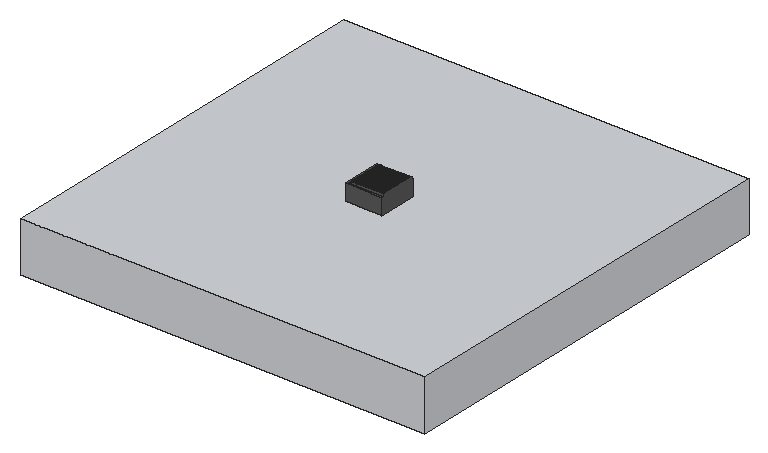
Revit family "r2018_videomax_sm", category Устройства связи, Revit 2018
Family settings
  Основа = Грань
  Сохранять ориентацию аннотаций = Да
  Размер круглого соединителя = Использовать диаметр
  Тип детали = Нормальный
  При загрузке вырезать с полостями = Нет
  Общий = Нет
  Точка расчета площади = Нет
Parameters (values of type "sm")
  Ширина = 233 mm
  Указания по монтажу = "Для настольного или настенного размещения. Специальные монтажные аксессуары не требуются."
  Модель = ""
  Стоимость = 0
  Default Elevation = 2600 mm
  Максимальное тепловыделение, BTU/h = Максимальная потребляемая мощность Вт * 3.412  # 0
  Максимальная потребляемая мощность Вт = 0
  Максимальная мощность БП, Вт = 0
  Количество интерфейсов Gigabit LAN, шт = 2
  Количество входов 9-36V = 1  # constant formula
  Количество IP-камер = 0
  Изображение типоразмера = sm.jpg
  Изготовитель = "ООО «Видеомакс»"  # constant formula
  Глубина = 220 mm
  Высота = 233 mm
  URL = "https://www.videomax-server.ru/"
  Material = Черный
  LOD 500 [instance] = yes
  LOD 300 [instance] = yes
  ADSK_Этаж [instance] = ""
  ADSK_Ток = 0 A
  ADSK_Примечание [instance] = ""
  ADSK_Позиция [instance] = ""
  ADSK_Обозначение [instance] = "sm"  # constant formula
  ADSK_Номинальная мощность = 0 VA
  ADSK_Напряжение = 230 V
  ADSK_Наименование = "Видеосервер VIDEOMAX-sm"  # constant formula
  ADSK_Масса [instance] = 0
  ADSK_Марка = "VIDEOMAX-sm"  # constant formula
  ADSK_Коэффициент мощности = 0.96
  ADSK_Количество = 1  # constant formula
  ADSK_Код изделия = "ТУ 26.20.15-002-37165186-2020"  # constant formula
  ADSK_Классификация нагрузок = none
  ADSK_Завод-изготовитель [instance] = "ООО «Видеомакс»"  # constant formula
  ADSK_Единица измерения = "шт."  # constant formula
  ADSK_Версия семейства = "v1"  # constant formula
  ADSK_Версия Revit = "2018"  # constant formula
Reference planes
  plane 1 "По центру (Вперед/Назад)": y = 0
  plane 2: z = 0
  plane 3 "По центру (Влево/Вправо)": through (0.038, 0.038, 0) normal (-1, 0.0001, 0)
  plane 4: z = 0
Forms (mm)
  Extrusion 1, solid
    sketch origin (-0.8, 20.8, 0) x (0, -1, 0) y (1, 0, 0)
      loop
        line (-1219.2, 1219.2) -> (-1219.2, -1219.2) -> (1219.2, -1219.2) -> (1219.2, 1219.2) -> (-1219.2, 1219.2)
    from 0 to -304.8
  Extrusion 2, solid, material "Черный" <- "Material", detail levels fine
    sketch origin (-18.568, -111.361, 54.822) x (-1, 0, 0) y (0, 0, 1)
      loop
        line (-109.968, -54.822) -> (110.032, -54.822) -> (110.032, 42.316) -> (97.662, 42.316) -> (84.8, 55.178) -> (-109.968, 55.178) -> (-109.968, -54.822)
    from 0 to 233
  Extrusion 3, void, detail levels fine
    sketch origin (94.9, 20, 0) x (0, -1, 0) y (0, 0, 1)
      loop
        line (-90.324, 97.138) -> (-89.729, 110) -> (-88.505, 110) -> (-87.744, 97.138) -> (-83.4, 97.138) -> (-82.805, 110) -> (-81.498, 110) -> (-80.738, 97.138) -> (-76.476, 97.138) -> (-75.881, 110) -> (-74.657, 110) -> (-73.897, 97.138) -> (-69.553, 97.138) -> (-68.957, 110) -> (-67.734, 110) -> (-66.973, 97.138) -> (-62.629, 97.138) -> (-62.034, 110) -> (-60.81, 110) -> (-60.049, 97.138) -> (-55.705, 97.138) -> (-55.11, 110) -> (-53.886, 110) -> (-53.125, 97.138) -> (-48.781, 97.138) -> (-48.186, 110) -> (-46.879, 110) -> (-46.119, 97.138) -> (-41.857, 97.138) -> (-41.262, 110) -> (-40.038, 110) -> (-39.278, 97.138) -> (-34.934, 97.138) -> (-34.338, 110) -> (-33.115, 110) -> (-32.354, 97.138) -> (-28.01, 97.138) -> (-27.415, 110) -> (-26.191, 110) -> (-25.43, 97.138) -> (-21.086, 97.138) -> (-20.491, 110) -> (-19.267, 110) -> (-18.506, 97.138) -> (-14.162, 97.138) -> (-13.567, 110) -> (-12.26, 110) -> (-11.5, 97.138) -> (-7.238, 97.138) -> (-6.643, 110) -> (-5.419, 110) -> (-4.659, 97.138) -> (-0.315, 97.138) -> (0.281, 110) -> (1.504, 110) -> (2.265, 97.138) -> (6.609, 97.138) -> (7.204, 110) -> (8.428, 110) -> (9.189, 97.138) -> (13.533, 97.138) -> (14.128, 110) -> (15.352, 110) -> (16.113, 97.138) -> (20.457, 97.138) -> (21.052, 110) -> (22.359, 110) -> (23.119, 97.138) -> (27.381, 97.138) -> (27.976, 110) -> (29.2, 110) -> (29.96, 97.138) -> (34.304, 97.138) -> (34.9, 110) -> (36.123, 110) -> (36.884, 97.138) -> (41.228, 97.138) -> (41.823, 110) -> (43.047, 110) -> (43.808, 97.138) -> (48.152, 97.138) -> (48.747, 110) -> (49.971, 110) -> (50.732, 97.138) -> (55.076, 97.138) -> (55.671, 110) -> (56.978, 110) -> (57.738, 97.138) -> (62, 97.138) -> (62.595, 110) -> (63.819, 110) -> (64.579, 97.138) -> (68.923, 97.138) -> (69.519, 110) -> (70.742, 110) -> (71.503, 97.138) -> (75.847, 97.138) -> (76.442, 110) -> (77.666, 110) -> (78.427, 97.138) -> (82.771, 97.138) -> (83.366, 110) -> (84.59, 110) -> (85.351, 97.138) -> (89.695, 97.138) -> (90.29, 110) -> (91.597, 110) -> (92.357, 97.138) -> (96.619, 97.138) -> (97.214, 110) -> (98.438, 110) -> (99.198, 97.138) -> (103.542, 97.138) -> (104.138, 110) -> (105.361, 110) -> (106.122, 97.138) -> (110.466, 97.138) -> (111.061, 110) -> (112.285, 110) -> (113.046, 97.138) -> (117.39, 97.138) -> (117.985, 110) -> (119.209, 110) -> (119.97, 97.138) -> (132.267, 97.138) -> (132.267, 111.053) -> (-102.733, 111.053) -> (-102.733, 97.138) -> (-90.324, 97.138)
    from 0 to 233
  Extrusion 4, solid, material "Черный" <- "Material", detail levels medium
    sketch origin (-18.568, -111.361, 54.822) x (-1, 0, 0) y (0, 0, 1)
      loop
        line (-109.968, -54.822) -> (110.032, -54.822) -> (110.032, 55.178) -> (-109.968, 55.178) -> (-109.968, -54.822)
    from 0 to 233
Cuts and joins
  Extrusion 3 cuts Extrusion 2
Lines and regions (mm)
  reference lines
    curve 1: line (-18.6, 121.539, 34.666) -> (-18.6, -111.461, 34.666)
    curve 2: line (91.4, 5.039, 34.666) -> (-128.433, 5.039, 34.666)
  model lines, style "CommunicationDevices", detail levels coarse
    curve 3: line (91.4, 121.539, 0) -> (91.4, -111.361, 0)
    curve 4: line (91.4, -111.361, 0) -> (-128.433, -111.361, 0)
    curve 5: line (-128.433, -111.361, 0) -> (-128.433, 121.539, 0)
    curve 6: line (-128.433, 121.539, 0) -> (91.4, 121.539, 0)
  model lines, style "InvisibleLines", detail levels coarse
    curve 7: line (-18.6, -111.361, 0) -> (-18.6, 121.539, 0)
    curve 8: line (91.4, 5.039, 0) -> (-128.433, 5.039, 0)
Dimensions and locks
  aligned and locked: plane 2 to Extrusion 1
  aligned and locked: level to Extrusion 1
  aligned and locked: cut or joined group of Extrusion 2, Extrusion 3 to nested 1
  aligned and locked: nested 2 to cut or joined group of Extrusion 2, Extrusion 3
  aligned and locked: nested 3 to cut or joined group of Extrusion 2, Extrusion 3  (x2)
Nested families
  nested 1: "videomax_sm" at (-128.6, 5.139, 8.998) x (0, -1, 0) z (-1, 0, 0), LOD500 <- "LOD 500", type "Front"
    with Left_500 no, LOD500 yes, Front_500 yes
  nested 2: "videomax_sm" at (-12.415, -111.361, 8.999) x (1, 0, 0) z (0, 1, 0), LOD500 <- "LOD 500", type "Left"
    with Left_500 yes, LOD500 yes, Front_500 no
  nested 3: "videomax_sm" at (-12.415, 121.639, 8.998) x (1, 0, 0) z (0, 1, 0), LOD500 <- "LOD 500", type "Left"
    with Left_500 yes, LOD500 yes, Front_500 no
Connectors
  electrical at (-18.6, 5.139, 0), driven by "ADSK_Напряжение", driven by "ADSK_Номинальная мощность", driven by "ADSK_Коэффициент мощности"
    settings: on Extrusion 2, index 1, voltage 230 V, apparent load 0 VA, apparent load phase1 0 VA, apparent load phase2 0 VA, apparent load phase3 0 VA, power factor 0.96, load classification "Прочее", number of poles 1, system type 30, power factor state 0, is connector primary yes, connector utility yes, sub classification motor no, connector description ""
Definition of nested family "videomax_sm"
  Parameters (values of type "Left")
    Default Elevation = 1219.2 mm
    Left_500 [instance] = and(Left, LOD500)  # yes
    Left = yes
    LOD500 [instance] = yes
    Front_500 [instance] = and(Front, LOD500)  # no
    Front = no
  Types (3, lengths in mm): name | Left_500 | Left | Front_500 | Front
    (no name) | yes | yes | no | no
    Front | no | no | yes | yes
    Left | yes | yes | no | no
  Reference planes
    plane 1 "По центру (Вперед/Назад)": y = 0
    plane 2: z = 0
    plane 3 "По центру (Влево/Вправо)": x = 0
  Lines and regions (mm)
    model lines, visible <- "Front_500", detail levels fine
      curve 1: arc (-32.904, 85.322, 0) -> (-32.515, 86.283, 0) -> (-31.554, 86.672, 0) r 1.327
      curve 2: arc (-5.469, 86.672, 0) -> (-4.46, 86.276, 0) -> (-4.064, 85.268, 0) r 1.356
      curve 3: arc (-4.064, 73.593, 0) -> (-4.514, 72.603, 0) -> (-5.542, 72.252, 0) r 1.37
      curve 4: arc (-31.734, 72.252, 0) -> (-32.546, 72.678, 0) -> (-32.904, 73.523, 0) r 1.36
      curve 5: arc (-26.113, 74.691, 0) -> (-26.242, 74.487, 0) -> (-26.453, 74.368, 0) r 0.494
      curve 6: arc (-26.453, 74.368, 0) -> (-26.666, 74.343, 0) -> (-26.88, 74.368, 0) r 0.901
      curve 7: arc (-26.88, 74.368, 0) -> (-27.091, 74.486, 0) -> (-27.221, 74.691, 0) r 0.491
      curve 8: arc (-22.822, 76.587, 0) -> (-22.326, 76.459, 0) -> (-22.019, 76.049, 0) r 0.775
      curve 9: arc (-22.019, 76.049, 0) -> (-21.96, 75.435, 0) -> (-22.04, 74.825, 0) r 2.724
      curve 10: arc (-22.04, 74.825, 0) -> (-22.348, 74.465, 0) -> (-22.811, 74.368, 0) r 0.731
      curve 11: arc (-23.808, 74.368, 0) -> (-24.063, 74.444, 0) -> (-24.172, 74.687, 0) r 0.32
      curve 12: arc (-24.172, 76.205, 0) -> (-24.097, 76.479, 0) -> (-23.833, 76.587, 0) r 0.323
      curve 13: arc (-23.456, 75.914, 0) -> (-23.439, 75.999, 0) -> (-23.368, 76.049, 0) r 0.116
      curve 14: arc (-23.368, 76.049, 0) -> (-23.225, 76.055, 0) -> (-23.082, 76.049, 0) r 1.605
      curve 15: arc (-23.082, 76.049, 0) -> (-22.846, 75.961, 0) -> (-22.722, 75.741, 0) r 0.365
      curve 16: arc (-22.722, 75.741, 0) -> (-22.695, 75.501, 0) -> (-22.712, 75.259, 0) r 1.331
      curve 17: arc (-22.712, 75.259, 0) -> (-22.778, 75.065, 0) -> (-22.947, 74.95, 0) r 0.324
      curve 18: arc (-22.947, 74.95, 0) -> (-23.126, 74.921, 0) -> (-23.307, 74.92, 0) r 1.206
      curve 19: arc (-23.307, 74.92, 0) -> (-23.414, 74.948, 0) -> (-23.456, 75.051, 0) r 0.125
      curve 20: arc (-21.706, 76.256, 0) -> (-21.615, 76.496, 0) -> (-21.375, 76.587, 0) r 0.314
      curve 21: arc (-20.857, 76.049, 0) -> (-20.954, 76.017, 0) -> (-20.989, 75.921, 0) r 0.116
      curve 22: arc (-20.989, 75.018, 0) -> (-20.947, 74.925, 0) -> (-20.846, 74.907, 0) r 0.11
      curve 23: arc (-21.335, 74.368, 0) -> (-21.612, 74.45, 0) -> (-21.706, 74.723, 0) r 0.316
      curve 24: arc (-19.522, 76.049, 0) -> (-19.27, 76.432, 0) -> (-18.838, 76.587, 0) r 0.724
      curve 25: arc (-18.838, 76.587, 0) -> (-18.358, 76.613, 0) -> (-17.877, 76.587, 0) r 4.517
      curve 26: arc (-17.877, 76.587, 0) -> (-17.444, 76.434, 0) -> (-17.193, 76.049, 0) r 0.713
      curve 27: arc (-17.193, 76.049, 0) -> (-17.137, 75.435, 0) -> (-17.222, 74.825, 0) r 2.697
      curve 28: arc (-17.222, 74.825, 0) -> (-17.482, 74.498, 0) -> (-17.879, 74.368, 0) r 0.727
      curve 29: arc (-17.879, 74.368, 0) -> (-18.354, 74.343, 0) -> (-18.829, 74.368, 0) r 4.443
      curve 30: arc (-18.829, 74.368, 0) -> (-19.231, 74.494, 0) -> (-19.494, 74.825, 0) r 0.719
      curve 31: arc (-19.494, 74.825, 0) -> (-19.578, 75.435, 0) -> (-19.522, 76.049, 0) r 2.695
      curve 32: arc (-18.826, 75.741, 0) -> (-18.729, 75.941, 0) -> (-18.534, 76.049, 0) r 0.37
      curve 33: arc (-18.534, 76.049, 0) -> (-18.351, 76.061, 0) -> (-18.169, 76.048, 0) r 1.267
      curve 34: arc (-18.169, 76.048, 0) -> (-17.982, 75.936, 0) -> (-17.886, 75.741, 0) r 0.382
      curve 35: arc (-17.886, 75.741, 0) -> (-17.872, 75.5, 0) -> (-17.881, 75.259, 0) r 2.61
      curve 36: arc (-17.881, 75.259, 0) -> (-17.981, 75.023, 0) -> (-18.211, 74.907, 0) r 0.373
      curve 37: arc (-18.211, 74.907, 0) -> (-18.375, 74.895, 0) -> (-18.54, 74.907, 0) r 1.073
      curve 38: arc (-18.54, 74.907, 0) -> (-18.745, 75.033, 0) -> (-18.826, 75.259, 0) r 0.364
      curve 39: arc (-18.826, 75.259, 0) -> (-18.843, 75.5, 0) -> (-18.826, 75.741, 0) r 1.775
      curve 40: arc (-15.763, 74.609, 0) -> (-15.686, 74.459, 0) -> (-15.543, 74.368, 0) r 0.322
      curve 41: arc (-15.163, 74.364, 0) -> (-15.01, 74.453, 0) -> (-14.928, 74.609, 0) r 0.322
      curve 42: arc (-13.805, 76.229, 0) -> (-13.886, 76.467, 0) -> (-14.107, 76.587, 0) r 0.346
      curve 43: arc (-14.107, 76.587, 0) -> (-14.346, 76.613, 0) -> (-14.585, 76.587, 0) r 1.13
      curve 44: arc (-14.585, 76.587, 0) -> (-14.795, 76.466, 0) -> (-14.917, 76.256, 0) r 0.473
      curve 45: arc (-15.283, 75.154, 0) -> (-15.345, 75.095, 0) -> (-15.407, 75.154, 0) r 0.062
      curve 46: arc (-15.776, 76.26, 0) -> (-15.898, 76.467, 0) -> (-16.105, 76.587, 0) r 0.476
      curve 47: arc (-16.105, 76.587, 0) -> (-16.343, 76.613, 0) -> (-16.582, 76.587, 0) r 1.118
      curve 48: arc (-16.582, 76.587, 0) -> (-16.8, 76.466, 0) -> (-16.883, 76.232, 0) r 0.353
      curve 49: arc (-11.907, 76.347, 0) -> (-12.007, 76.499, 0) -> (-12.166, 76.587, 0) r 0.387
      curve 50: arc (-12.166, 76.587, 0) -> (-12.409, 76.613, 0) -> (-12.653, 76.587, 0) r 1.172
      curve 51: arc (-12.653, 76.587, 0) -> (-12.818, 76.503, 0) -> (-12.918, 76.347, 0) r 0.36
      curve 52: arc (-22.777, 80.678, 0) -> (-22.685, 80.612, 0) -> (-22.593, 80.678, 0) r 0.097
      curve 53: arc (-21.475, 83.664, 0) -> (-21.061, 84.273, 0) -> (-20.383, 84.559, 0) r 1.296
      curve 54: arc (-20.383, 84.559, 0) -> (-19.922, 84.579, 0) -> (-19.466, 84.514, 0) r 2.463
      curve 55: arc (-21.264, 79.718, 0) -> (-21.596, 79.193, 0) -> (-22.137, 78.89, 0) r 1.266
      curve 56: arc (-22.137, 78.89, 0) -> (-22.684, 78.824, 0) -> (-23.231, 78.889, 0) r 2.311
      curve 57: arc (-23.231, 78.889, 0) -> (-23.774, 79.192, 0) -> (-24.106, 79.718, 0) r 1.261
      curve 58: arc (-18.983, 84.237, 0) -> (-18.769, 83.976, 0) -> (-18.616, 83.675, 0) r 1.547
      curve 59: arc (-16.593, 83.68, 0) -> (-16.336, 84.126, 0) -> (-15.927, 84.44, 0) r 1.32
      curve 60: arc (-15.927, 84.44, 0) -> (-15.179, 84.582, 0) -> (-14.429, 84.449, 0) r 2.108
      curve 61: arc (-14.429, 84.449, 0) -> (-14.007, 84.134, 0) -> (-13.743, 83.68, 0) r 1.314
      curve 62: arc (-15.051, 82.655, 0) -> (-15.168, 82.748, 0) -> (-15.284, 82.655, 0) r 0.119
      curve 63: circle (-103.112, 82.121, 0) r 3.066 normal (0, 0, 1)
      curve 64: circle (-110.19, 53.215, 0) r 3.066 normal (0, 0, 1)
      curve 65: circle (-110.774, 34.662, 0) r 3.066 normal (0, 0, 1)
      curve 66: circle (-109.748, 15.943, 0) r 3.066 normal (0, 0, 1)
      curve 67: circle (-26.735, 15.943, 0) r 3.066 normal (0, 0, 1)
      curve 68: circle (-21.443, 34.662, 0) r 3.066 normal (0, 0, 1)
      curve 69: circle (0.585, 81.063, 0) r 3.066 normal (0, 0, 1)
      curve 70: circle (102.515, 82.121, 0) r 3.066 normal (0, 0, 1)
      curve 71: circle (103.379, 61.645, 0) r 1.743 normal (0, 0, 1)
      curve 72: circle (103.379, 61.645, 0) r 4.968 normal (0, 0, 1)
      curve 73: circle (94.823, 58.974, 0) r 1.743 normal (0, 0, 1)
      curve 74: circle (94.823, 64.033, 0) r 1.743 normal (0, 0, 1)
      curve 75: circle (109.593, 53.215, 0) r 3.066 normal (0, 0, 1)
      curve 76: circle (88.356, 59.337, 0) r 3.066 normal (0, 0, 1)
      curve 77: circle (79.162, 59.337, 0) r 3.066 normal (0, 0, 1)
      curve 78: circle (-98.603, 57.747, 0) r 3.066 normal (0, 0, 1)
      curve 83: circle (-91.806, 75.763, 0) r 1.743 normal (0, 0, 1)
      curve 84: circle (-45.492, 75.763, 0) r 1.743 normal (0, 0, 1)
      curve 85: arc (-86.952, 72.244, 0) -> (-87.647, 72.594, 0) -> (-87.723, 73.368, 0) r 0.807
      curve 86: arc (-87.003, 78.322, 0) -> (-86.64, 79.018, 0) -> (-85.899, 79.283, 0) r 1.077
      curve 87: arc (-51.732, 79.283, 0) -> (-50.977, 79.028, 0) -> (-50.584, 78.334, 0) r 1.116
      curve 88: arc (-49.562, 73.53, 0) -> (-49.701, 72.676, 0) -> (-50.451, 72.244, 0) r 1.009
      curve 89: circle (-28.021, 61.311, 0) r 1.743 normal (0, 0, 1)
      curve 90: circle (-5.76, 61.311, 0) r 1.743 normal (0, 0, 1)
      curve 91: arc (-23.537, 57.792, 0) -> (-24.232, 58.142, 0) -> (-24.307, 58.917, 0) r 0.807
      curve 92: arc (-23.588, 63.87, 0) -> (-23.224, 64.567, 0) -> (-22.484, 64.831, 0) r 1.077
      curve 93: arc (-11.609, 64.831, 0) -> (-10.853, 64.576, 0) -> (-10.461, 63.882, 0) r 1.116
      curve 94: arc (-9.438, 59.078, 0) -> (-9.578, 58.224, 0) -> (-10.327, 57.792, 0) r 1.009
      curve 95: arc (-31.24, 17.543, 0) -> (-31.858, 16.23, 0) -> (-33.171, 15.612, 0) r 2.141
      curve 96: arc (-102.812, 15.612, 0) -> (-104.429, 16.234, 0) -> (-105.051, 17.851, 0) r 2.133
      curve 97: circle (21.797, 62.712, 0) r 1.744 normal (0, 0, 1)
      curve 98: circle (34.993, 62.712, 0) r 1.743 normal (0, 0, 1)
      curve 109: line (-31.554, 86.672, 0) -> (-5.469, 86.672, 0)
      curve 110: line (-4.064, 85.268, 0) -> (-4.064, 73.593, 0)
      curve 111: line (-5.542, 72.252, 0) -> (-31.734, 72.252, 0)
      curve 112: line (-32.904, 73.523, 0) -> (-32.904, 85.322, 0)
      curve 113: line (-12.641, 75.332, 0) -> (-12.187, 75.332, 0)
      curve 114: line (-12.187, 75.332, 0) -> (-12.385, 75.897, 0)
      curve 115: line (-12.385, 75.897, 0) -> (-12.641, 75.332, 0)
      curve 116: line (-27.221, 74.691, 0) -> (-27.995, 76.587, 0)
      curve 117: line (-27.995, 76.587, 0) -> (-27.228, 76.587, 0)
      curve 118: line (-27.228, 76.587, 0) -> (-26.703, 75.066, 0)
      curve 119: line (-26.703, 75.066, 0) -> (-26.097, 76.587, 0)
      curve 120: line (-26.097, 76.587, 0) -> (-25.338, 76.587, 0)
      curve 121: line (-25.338, 76.587, 0) -> (-26.113, 74.691, 0)
      curve 122: line (-25.204, 76.587, 0) -> (-24.49, 76.587, 0)
      curve 123: line (-24.49, 76.587, 0) -> (-24.49, 74.368, 0)
      curve 124: line (-24.49, 74.368, 0) -> (-25.204, 74.368, 0)
      curve 125: line (-25.204, 74.368, 0) -> (-25.204, 76.587, 0)
      curve 126: line (-23.833, 76.587, 0) -> (-22.822, 76.587, 0)
      curve 127: line (-22.811, 74.368, 0) -> (-23.808, 74.368, 0)
      curve 128: line (-24.172, 74.687, 0) -> (-24.172, 76.205, 0)
      curve 129: line (-23.456, 75.051, 0) -> (-23.456, 75.914, 0)
      curve 130: line (-21.375, 76.587, 0) -> (-19.746, 76.587, 0)
      curve 131: line (-19.746, 76.587, 0) -> (-19.746, 76.049, 0)
      curve 132: line (-19.746, 76.049, 0) -> (-20.857, 76.049, 0)
      curve 133: line (-20.857, 76.049, 0) -> (-20.989, 75.741, 0)
      curve 134: line (-20.989, 75.741, 0) -> (-19.778, 75.741, 0)
      curve 135: line (-19.778, 75.741, 0) -> (-19.778, 75.259, 0)
      curve 136: line (-19.778, 75.259, 0) -> (-20.989, 75.259, 0)
      curve 137: line (-20.989, 75.259, 0) -> (-20.989, 75.018, 0)
      curve 138: line (-20.989, 75.018, 0) -> (-19.746, 74.907, 0)
      curve 139: line (-19.746, 74.907, 0) -> (-19.746, 74.368, 0)
      curve 140: line (-19.746, 74.368, 0) -> (-21.335, 74.368, 0)
      curve 141: line (-21.706, 74.723, 0) -> (-21.706, 76.256, 0)
      curve 142: line (-16.883, 76.232, 0) -> (-16.883, 74.368, 0)
      curve 143: line (-16.883, 74.368, 0) -> (-16.164, 74.368, 0)
      curve 144: line (-16.164, 74.368, 0) -> (-16.186, 75.741, 0)
      curve 145: line (-16.186, 75.741, 0) -> (-15.763, 74.609, 0)
      curve 146: line (-15.543, 74.368, 0) -> (-15.359, 74.343, 0)
      curve 147: line (-15.359, 74.343, 0) -> (-15.163, 74.364, 0)
      curve 148: line (-14.928, 74.609, 0) -> (-14.566, 75.741, 0)
      curve 149: line (-14.566, 75.741, 0) -> (-14.527, 74.368, 0)
      curve 150: line (-14.527, 74.368, 0) -> (-13.805, 74.368, 0)
      curve 151: line (-13.805, 74.368, 0) -> (-13.805, 76.229, 0)
      curve 152: line (-14.917, 76.256, 0) -> (-15.283, 75.154, 0)
      curve 153: line (-15.283, 75.154, 0) -> (-15.776, 76.26, 0)
      curve 154: line (-11.249, 76.587, 0) -> (-10.393, 76.587, 0)
      curve 155: line (-10.393, 76.587, 0) -> (-10.016, 75.995, 0)
      curve 156: line (-10.016, 75.995, 0) -> (-9.638, 76.587, 0)
      curve 157: line (-9.638, 76.587, 0) -> (-8.782, 76.587, 0)
      curve 158: line (-8.782, 76.587, 0) -> (-9.597, 75.493, 0)
      curve 159: line (-9.597, 75.493, 0) -> (-8.757, 74.368, 0)
      curve 160: line (-8.757, 74.368, 0) -> (-9.611, 74.368, 0)
      curve 161: line (-9.611, 74.368, 0) -> (-10.016, 74.993, 0)
      curve 162: line (-10.016, 74.993, 0) -> (-10.418, 74.368, 0)
      curve 163: line (-10.418, 74.368, 0) -> (-11.27, 74.368, 0)
      curve 164: line (-11.27, 74.368, 0) -> (-10.434, 75.493, 0)
      curve 165: line (-10.434, 75.493, 0) -> (-11.249, 76.587, 0)
      curve 166: line (-12.918, 76.347, 0) -> (-13.741, 74.368, 0)
      curve 167: line (-13.741, 74.368, 0) -> (-12.987, 74.368, 0)
      curve 168: line (-12.987, 74.368, 0) -> (-12.812, 74.825, 0)
      curve 169: line (-12.812, 74.825, 0) -> (-12.013, 74.825, 0)
      curve 170: line (-12.013, 74.825, 0) -> (-11.839, 74.368, 0)
      curve 171: line (-11.839, 74.368, 0) -> (-11.089, 74.368, 0)
      curve 172: line (-11.089, 74.368, 0) -> (-11.907, 76.347, 0)
      curve 173: line (-24.106, 79.718, 0) -> (-26.093, 84.581, 0)
      curve 174: line (-26.093, 84.581, 0) -> (-24.124, 84.581, 0)
      curve 175: line (-24.124, 84.581, 0) -> (-22.777, 80.678, 0)
      curve 176: line (-22.593, 80.678, 0) -> (-21.475, 83.664, 0)
      curve 177: line (-19.466, 84.514, 0) -> (-21.264, 79.718, 0)
      curve 178: line (-18.616, 83.675, 0) -> (-17.605, 81.201, 0)
      curve 179: line (-17.605, 81.201, 0) -> (-16.593, 83.68, 0)
      curve 180: line (-13.743, 83.68, 0) -> (-11.758, 78.82, 0)
      curve 181: line (-11.758, 78.82, 0) -> (-13.727, 78.82, 0)
      curve 182: line (-13.727, 78.82, 0) -> (-15.051, 82.655, 0)
      curve 183: line (-15.284, 82.655, 0) -> (-16.621, 78.82, 0)
      curve 184: line (-16.621, 78.82, 0) -> (-18.59, 78.82, 0)
      curve 185: line (-18.59, 78.82, 0) -> (-19.759, 82.16, 0)
      curve 186: line (-19.759, 82.16, 0) -> (-18.983, 84.237, 0)
      curve 187: line (41.163, 59.359, 0) -> (55.232, 59.359, 0)
      curve 188: line (55.232, 59.359, 0) -> (55.232, 65.633, 0)
      curve 189: line (55.232, 65.633, 0) -> (41.163, 65.633, 0)
      curve 190: line (41.163, 65.633, 0) -> (41.163, 59.359, 0)
      curve 191: line (58.625, 59.359, 0) -> (72.694, 59.359, 0)
      curve 192: line (72.694, 59.359, 0) -> (72.694, 65.633, 0)
      curve 193: line (72.694, 65.633, 0) -> (58.625, 65.633, 0)
      curve 194: line (58.625, 65.633, 0) -> (58.625, 59.359, 0)
      curve 195: line (58.625, 50.677, 0) -> (72.694, 50.677, 0)
      curve 196: line (72.694, 50.677, 0) -> (72.694, 56.951, 0)
      curve 197: line (72.694, 56.951, 0) -> (58.625, 56.951, 0)
      curve 198: line (58.625, 56.951, 0) -> (58.625, 50.677, 0)
      curve 199: line (41.163, 50.677, 0) -> (55.232, 50.677, 0)
      curve 200: line (55.232, 50.677, 0) -> (55.232, 56.951, 0)
      curve 201: line (55.232, 56.951, 0) -> (41.163, 56.951, 0)
      curve 202: line (41.163, 56.951, 0) -> (41.163, 50.677, 0)
      curve 203: line (43.254, 61.767, 0) -> (53.14, 61.767, 0)
      curve 204: line (60.717, 61.767, 0) -> (70.603, 61.767, 0)
      curve 205: line (60.717, 53.085, 0) -> (70.603, 53.085, 0)
      curve 206: line (43.254, 53.085, 0) -> (53.14, 53.085, 0)
      curve 207: line (-102.538, 50.273, 0) -> (-56.138, 50.273, 0)
      curve 208: line (-56.138, 50.273, 0) -> (-56.138, 65.42, 0)
      curve 209: line (-56.138, 65.42, 0) -> (-102.538, 65.42, 0)
      curve 210: line (-102.538, 65.42, 0) -> (-102.538, 50.273, 0)
      curve 233: line (-50.451, 72.244, 0) -> (-86.952, 72.244, 0)
      curve 234: line (-87.723, 73.368, 0) -> (-87.003, 78.322, 0)
      curve 235: line (-85.899, 79.283, 0) -> (-51.732, 79.283, 0)
      curve 236: line (-50.584, 78.334, 0) -> (-49.562, 73.53, 0)
      curve 237: line (-38.297, 59.023, 0) -> (-38.297, 62.181, 0)
      curve 238: line (-38.297, 62.181, 0) -> (-40.349, 64.002, 0)
      curve 239: line (-40.349, 64.002, 0) -> (-50.85, 64.002, 0)
      curve 240: line (-50.85, 64.002, 0) -> (-52.667, 62.181, 0)
      curve 241: line (-52.667, 62.181, 0) -> (-52.667, 59.023, 0)
      curve 242: line (-52.667, 59.023, 0) -> (-38.297, 59.023, 0)
      curve 243: line (-10.327, 57.792, 0) -> (-23.537, 57.792, 0)
      curve 244: line (-24.307, 58.917, 0) -> (-23.588, 63.87, 0)
      curve 245: line (-22.484, 64.831, 0) -> (-11.609, 64.831, 0)
      curve 246: line (-10.461, 63.882, 0) -> (-9.438, 59.078, 0)
      curve 247: line (-105.051, 17.851, 0) -> (-105.051, 24.045, 0)
      curve 248: line (-105.051, 24.045, 0) -> (-31.24, 24.045, 0)
      curve 249: line (-31.24, 24.045, 0) -> (-31.24, 17.543, 0)
      curve 250: line (-33.171, 15.612, 0) -> (-102.812, 15.612, 0)
      curve 251: line (19.128, 59.575, 0) -> (37.606, 59.575, 0)
      curve 252: line (37.606, 59.575, 0) -> (37.606, 65.849, 0)
      curve 253: line (37.606, 65.849, 0) -> (19.128, 65.849, 0)
      curve 254: line (19.128, 65.849, 0) -> (19.128, 59.575, 0)
      curve 255: line (28.263, 60.546, 0) -> (24.674, 60.546, 0)
      curve 256: line (24.674, 60.546, 0) -> (24.674, 65.126, 0)
      curve 257: line (24.674, 65.126, 0) -> (28.263, 65.126, 0)
      curve 258: line (28.263, 65.126, 0) -> (28.263, 60.546, 0)
      curve 259: line (32.124, 60.546, 0) -> (28.536, 60.546, 0)
      curve 260: line (28.536, 60.546, 0) -> (28.536, 65.126, 0)
      curve 261: line (28.536, 65.126, 0) -> (32.124, 65.126, 0)
      curve 262: line (32.124, 65.126, 0) -> (32.124, 60.546, 0)
      curve 263: line (24.095, 59.575, 0) -> (32.612, 59.575, 0)
      curve 264: line (32.612, 59.575, 0) -> (32.612, 58.677, 0)
      curve 265: line (32.612, 58.677, 0) -> (24.095, 58.677, 0)
      curve 266: line (24.095, 58.677, 0) -> (24.095, 59.575, 0)
    model lines, visible <- "Front", detail levels fine
      curve 79: arc (-19.689, 24.045, 0) -> (-18.264, 23.453, 0) -> (-17.671, 22.028, 0) r 2.023
      curve 80: arc (-17.671, 2.143, 0) -> (-18.22, 0.638, 0) -> (-19.689, 0, 0) r 2.028
      curve 81: arc (-113.175, 0, 0) -> (-114.579, 0.593, 0) -> (-115.171, 1.996, 0) r 2.024
      curve 82: arc (-115.171, 22.009, 0) -> (-114.579, 23.453, 0) -> (-113.135, 24.045, 0) r 2.023
      curve 99: arc (113.175, 0, 0) -> (115.409, 1.014, 0) -> (116.151, 3.351, 0) r 3.017
      curve 100: arc (116.151, 84.986, 0) -> (115.34, 87.201, 0) -> (113.175, 88.14, 0) r 2.992
      curve 101: arc (-113.175, 88.14, 0) -> (-115.705, 87.507, 0) -> (-116.849, 85.165, 0) r 3.088
      curve 102: arc (-116.849, 3.573, 0) -> (-115.936, 0.837, 0) -> (-113.175, 0, 0) r 3.14
      curve 211: line (-107.036, 24.045, 0) -> (-25.28, 24.045, 0)
      curve 212: line (-25.28, 24.045, 0) -> (-25.28, 44.981, 0)
      curve 213: line (-25.28, 44.981, 0) -> (-107.036, 44.981, 0)
      curve 214: line (-107.036, 44.981, 0) -> (-107.036, 24.045, 0)
      curve 215: line (-17.671, 0, 0) -> (-7.319, 0, 0)
      curve 216: line (-7.319, 0, 0) -> (-7.319, 48.352, 0)
      curve 217: line (-7.319, 48.352, 0) -> (-17.671, 48.352, 0)
      curve 218: line (-17.671, 48.352, 0) -> (-17.671, 0, 0)
      curve 219: line (-7.319, 9.878, 0) -> (93.417, 9.878, 0)
      curve 220: line (93.417, 9.878, 0) -> (93.417, 22.518, 0)
      curve 221: line (93.417, 22.518, 0) -> (-7.319, 22.518, 0)
      curve 222: line (-7.319, 22.518, 0) -> (-7.319, 9.878, 0)
      curve 223: line (-7.319, 30.15, 0) -> (93.417, 30.15, 0)
      curve 224: line (93.417, 30.15, 0) -> (93.417, 42.79, 0)
      curve 225: line (93.417, 42.79, 0) -> (-7.319, 42.79, 0)
      curve 226: line (-7.319, 42.79, 0) -> (-7.319, 30.15, 0)
      curve 227: line (-7.319, 48.352, 0) -> (116.151, 48.352, 0)
      curve 228: line (-113.135, 24.045, 0) -> (-19.689, 24.045, 0)
      curve 229: line (-17.671, 22.028, 0) -> (-17.671, 2.143, 0)
      curve 230: line (-19.689, 0, 0) -> (-113.175, 0, 0)
      curve 231: line (-113.175, 0, 0) -> (113.175, 0, 0)
      curve 232: line (-115.171, 1.996, 0) -> (-115.171, 22.009, 0)
      curve 267: line (116.151, 3.351, 0) -> (116.151, 84.986, 0)
      curve 268: line (113.175, 88.14, 0) -> (-113.175, 88.14, 0)
      curve 269: line (-116.849, 85.165, 0) -> (-116.849, 3.573, 0)
    model lines, visible <- "Left_500", detail levels fine
      curve 103: circle (99.36, 4.199, 0) r 3.066 normal (0, 0, 1)
      curve 104: circle (99.36, 14.253, 0) r 3.066 normal (0, 0, 1)
      curve 105: circle (-99.549, 14.253, 0) r 3.066 normal (0, 0, 1)
      curve 106: circle (-99.549, 4.199, 0) r 3.066 normal (0, 0, 1)
      curve 107: circle (-70.246, 22.984, 0) r 3.066 normal (0, 0, 1)
      curve 108: circle (69.387, 22.984, 0) r 3.066 normal (0, 0, 1)
      curve 270: line (-103.815, 18.618, 0) -> (-103.815, 0, 0)
      curve 271: line (-103.815, 0, 0) -> (103.815, 0, 0)
      curve 272: line (103.815, 0, 0) -> (103.815, 18.618, 0)
      curve 273: line (103.815, 18.618, 0) -> (-103.815, 18.618, 0)
      curve 274: line (103.815, 81.06, 0) -> (103.815, 18.618, 0)
      curve 275: line (103.815, 18.618, 0) -> (-103.815, 18.618, 0)
      curve 276: line (-103.815, 18.618, 0) -> (-103.815, 81.06, 0)
      curve 277: line (-103.815, 81.06, 0) -> (103.815, 81.06, 0)
      curve 278: line (-103.815, 81.06, 0) -> (-103.815, 88.14, 0)
      curve 279: line (-103.815, 88.14, 0) -> (103.815, 88.14, 0)
      curve 280: line (103.815, 88.14, 0) -> (103.815, 81.06, 0)
      curve 281: line (103.815, 81.06, 0) -> (-103.815, 81.06, 0)
      curve 282: line (-103.815, 88.14, 0) -> (-103.815, 0, 0)
      curve 283: line (-103.815, 0, 0) -> (-116.185, 0, 0)
      curve 284: line (-116.185, 0, 0) -> (-116.185, 88.14, 0)
      curve 285: line (-116.185, 88.14, 0) -> (-103.815, 88.14, 0)
    model lines, visible <- "Front_500", not visible, detail levels fine
      curve 286: arc (83.945, 85.322, 0) -> (84.333, 86.283, 0) -> (85.294, 86.672, 0) r 1.327
      curve 287: arc (111.38, 86.672, 0) -> (112.388, 86.276, 0) -> (112.785, 85.268, 0) r 1.356
      curve 288: arc (112.785, 73.593, 0) -> (112.335, 72.603, 0) -> (111.306, 72.252, 0) r 1.37
      curve 289: arc (85.115, 72.252, 0) -> (84.302, 72.678, 0) -> (83.945, 73.523, 0) r 1.36
      curve 290: arc (90.736, 74.691, 0) -> (90.607, 74.487, 0) -> (90.396, 74.368, 0) r 0.494
      curve 291: arc (90.396, 74.368, 0) -> (90.182, 74.343, 0) -> (89.969, 74.368, 0) r 0.901
      curve 292: arc (89.969, 74.368, 0) -> (89.757, 74.486, 0) -> (89.628, 74.691, 0) r 0.491
      curve 293: arc (94.027, 76.587, 0) -> (94.523, 76.459, 0) -> (94.83, 76.049, 0) r 0.775
      curve 294: arc (94.83, 76.049, 0) -> (94.889, 75.435, 0) -> (94.808, 74.825, 0) r 2.724
      curve 295: arc (94.808, 74.825, 0) -> (94.501, 74.465, 0) -> (94.038, 74.368, 0) r 0.731
      curve 296: arc (93.041, 74.368, 0) -> (92.785, 74.444, 0) -> (92.676, 74.687, 0) r 0.32
      curve 297: arc (92.676, 76.205, 0) -> (92.752, 76.479, 0) -> (93.015, 76.587, 0) r 0.323
      curve 298: arc (93.393, 75.914, 0) -> (93.41, 75.999, 0) -> (93.481, 76.049, 0) r 0.116
      curve 299: arc (93.481, 76.049, 0) -> (93.624, 76.055, 0) -> (93.766, 76.049, 0) r 1.605
      curve 300: arc (93.766, 76.049, 0) -> (94.003, 75.961, 0) -> (94.126, 75.741, 0) r 0.365
      curve 301: arc (94.126, 75.741, 0) -> (94.154, 75.501, 0) -> (94.137, 75.259, 0) r 1.331
      curve 302: arc (94.137, 75.259, 0) -> (94.071, 75.065, 0) -> (93.901, 74.95, 0) r 0.324
      curve 303: arc (93.901, 74.95, 0) -> (93.723, 74.921, 0) -> (93.542, 74.92, 0) r 1.206
      curve 304: arc (93.542, 74.92, 0) -> (93.435, 74.948, 0) -> (93.393, 75.051, 0) r 0.125
      curve 305: arc (95.143, 76.256, 0) -> (95.234, 76.496, 0) -> (95.474, 76.587, 0) r 0.314
      curve 306: arc (95.991, 76.049, 0) -> (95.894, 76.017, 0) -> (95.859, 75.921, 0) r 0.116
      curve 307: arc (95.859, 75.018, 0) -> (95.902, 74.925, 0) -> (96.003, 74.907, 0) r 0.11
      curve 308: arc (95.514, 74.368, 0) -> (95.237, 74.45, 0) -> (95.143, 74.723, 0) r 0.316
      curve 309: arc (97.327, 76.049, 0) -> (97.579, 76.432, 0) -> (98.011, 76.587, 0) r 0.724
      curve 310: arc (98.011, 76.587, 0) -> (98.491, 76.613, 0) -> (98.971, 76.587, 0) r 4.517
      curve 311: arc (98.971, 76.587, 0) -> (99.405, 76.434, 0) -> (99.655, 76.049, 0) r 0.713
      curve 312: arc (99.655, 76.049, 0) -> (99.712, 75.435, 0) -> (99.627, 74.825, 0) r 2.697
      curve 313: arc (99.627, 74.825, 0) -> (99.367, 74.498, 0) -> (98.97, 74.368, 0) r 0.727
      curve 314: arc (98.97, 74.368, 0) -> (98.495, 74.343, 0) -> (98.02, 74.368, 0) r 4.443
      curve 315: arc (98.02, 74.368, 0) -> (97.618, 74.494, 0) -> (97.355, 74.825, 0) r 0.719
      curve 316: arc (97.355, 74.825, 0) -> (97.27, 75.435, 0) -> (97.327, 76.049, 0) r 2.695
      curve 317: arc (98.022, 75.741, 0) -> (98.12, 75.941, 0) -> (98.315, 76.049, 0) r 0.37
      curve 318: arc (98.315, 76.049, 0) -> (98.497, 76.061, 0) -> (98.68, 76.048, 0) r 1.267
      curve 319: arc (98.68, 76.048, 0) -> (98.867, 75.936, 0) -> (98.962, 75.741, 0) r 0.382
      curve 320: arc (98.962, 75.741, 0) -> (98.976, 75.5, 0) -> (98.968, 75.259, 0) r 2.61
      curve 321: arc (98.968, 75.259, 0) -> (98.867, 75.023, 0) -> (98.638, 74.907, 0) r 0.373
      curve 322: arc (98.638, 74.907, 0) -> (98.473, 74.895, 0) -> (98.308, 74.907, 0) r 1.073
      curve 323: arc (98.308, 74.907, 0) -> (98.104, 75.033, 0) -> (98.022, 75.259, 0) r 0.364
      curve 324: arc (98.022, 75.259, 0) -> (98.006, 75.5, 0) -> (98.022, 75.741, 0) r 1.775
      curve 325: arc (101.085, 74.609, 0) -> (101.163, 74.459, 0) -> (101.306, 74.368, 0) r 0.322
      curve 326: arc (101.686, 74.364, 0) -> (101.838, 74.453, 0) -> (101.921, 74.609, 0) r 0.322
      curve 327: arc (103.044, 76.229, 0) -> (102.963, 76.467, 0) -> (102.742, 76.587, 0) r 0.346
      curve 328: arc (102.742, 76.587, 0) -> (102.503, 76.613, 0) -> (102.263, 76.587, 0) r 1.13
      curve 329: arc (102.263, 76.587, 0) -> (102.053, 76.466, 0) -> (101.931, 76.256, 0) r 0.473
      curve 330: arc (101.566, 75.154, 0) -> (101.504, 75.095, 0) -> (101.441, 75.154, 0) r 0.062
      curve 331: arc (101.073, 76.26, 0) -> (100.951, 76.467, 0) -> (100.743, 76.587, 0) r 0.476
      curve 332: arc (100.743, 76.587, 0) -> (100.505, 76.613, 0) -> (100.267, 76.587, 0) r 1.118
      curve 333: arc (100.267, 76.587, 0) -> (100.049, 76.466, 0) -> (99.966, 76.232, 0) r 0.353
      curve 334: arc (104.942, 76.347, 0) -> (104.841, 76.499, 0) -> (104.683, 76.587, 0) r 0.387
      curve 335: arc (104.683, 76.587, 0) -> (104.439, 76.613, 0) -> (104.196, 76.587, 0) r 1.172
      curve 336: arc (104.196, 76.587, 0) -> (104.031, 76.503, 0) -> (103.93, 76.347, 0) r 0.36
      curve 337: arc (94.071, 80.678, 0) -> (94.164, 80.612, 0) -> (94.256, 80.678, 0) r 0.097
      curve 338: arc (95.374, 83.664, 0) -> (95.788, 84.273, 0) -> (96.466, 84.559, 0) r 1.296
      curve 339: arc (96.466, 84.559, 0) -> (96.926, 84.579, 0) -> (97.382, 84.514, 0) r 2.463
      curve 340: arc (95.584, 79.718, 0) -> (95.253, 79.193, 0) -> (94.712, 78.89, 0) r 1.266
      curve 341: arc (94.712, 78.89, 0) -> (94.165, 78.824, 0) -> (93.618, 78.889, 0) r 2.311
      curve 342: arc (93.618, 78.889, 0) -> (93.074, 79.192, 0) -> (92.742, 79.718, 0) r 1.261
      curve 343: arc (97.865, 84.237, 0) -> (98.08, 83.976, 0) -> (98.233, 83.675, 0) r 1.547
      curve 344: arc (100.256, 83.68, 0) -> (100.513, 84.126, 0) -> (100.922, 84.44, 0) r 1.32
      curve 345: arc (100.922, 84.44, 0) -> (101.67, 84.582, 0) -> (102.42, 84.449, 0) r 2.108
      curve 346: arc (102.42, 84.449, 0) -> (102.841, 84.134, 0) -> (103.106, 83.68, 0) r 1.314
      curve 347: arc (101.797, 82.655, 0) -> (101.681, 82.748, 0) -> (101.564, 82.655, 0) r 0.119
      curve 348: circle (13.737, 82.121, 0) r 3.066 normal (0, 0, 1)
      curve 349: circle (6.659, 53.215, 0) r 3.066 normal (0, 0, 1)
      curve 350: circle (6.075, 34.662, 0) r 3.066 normal (0, 0, 1)
      curve 351: circle (7.101, 15.943, 0) r 3.066 normal (0, 0, 1)
      curve 352: circle (90.114, 15.943, 0) r 3.066 normal (0, 0, 1)
      curve 353: circle (95.405, 34.662, 0) r 3.066 normal (0, 0, 1)
      curve 354: circle (117.433, 81.063, 0) r 3.066 normal (0, 0, 1)
      curve 355: circle (219.364, 82.121, 0) r 3.066 normal (0, 0, 1)
      curve 356: circle (220.228, 61.645, 0) r 1.743 normal (0, 0, 1)
      curve 357: circle (220.228, 61.645, 0) r 4.968 normal (0, 0, 1)
      curve 358: circle (211.672, 58.974, 0) r 1.743 normal (0, 0, 1)
      curve 359: circle (211.672, 64.033, 0) r 1.743 normal (0, 0, 1)
      curve 360: circle (226.442, 53.215, 0) r 3.066 normal (0, 0, 1)
      curve 361: circle (205.205, 59.337, 0) r 3.066 normal (0, 0, 1)
      curve 362: circle (196.011, 59.337, 0) r 3.066 normal (0, 0, 1)
      curve 363: circle (18.245, 57.747, 0) r 3.066 normal (0, 0, 1)
      curve 368: circle (25.042, 75.763, 0) r 1.743 normal (0, 0, 1)
      curve 369: circle (71.357, 75.763, 0) r 1.743 normal (0, 0, 1)
      curve 370: arc (29.896, 72.244, 0) -> (29.202, 72.594, 0) -> (29.126, 73.368, 0) r 0.807
      curve 371: arc (29.846, 78.322, 0) -> (30.209, 79.018, 0) -> (30.949, 79.283, 0) r 1.077
      curve 372: arc (65.116, 79.283, 0) -> (65.872, 79.028, 0) -> (66.264, 78.334, 0) r 1.116
      curve 373: arc (67.287, 73.53, 0) -> (67.147, 72.676, 0) -> (66.398, 72.244, 0) r 1.009
      curve 374: circle (88.827, 61.311, 0) r 1.743 normal (0, 0, 1)
      curve 375: circle (111.089, 61.311, 0) r 1.743 normal (0, 0, 1)
      curve 376: arc (93.311, 57.792, 0) -> (92.617, 58.142, 0) -> (92.541, 58.917, 0) r 0.807
      curve 377: arc (93.261, 63.87, 0) -> (93.624, 64.567, 0) -> (94.364, 64.831, 0) r 1.077
      curve 378: arc (105.24, 64.831, 0) -> (105.995, 64.576, 0) -> (106.388, 63.882, 0) r 1.116
      curve 379: arc (107.41, 59.078, 0) -> (107.271, 58.224, 0) -> (106.522, 57.792, 0) r 1.009
      curve 380: arc (85.608, 17.543, 0) -> (84.991, 16.23, 0) -> (83.678, 15.612, 0) r 2.141
      curve 381: arc (14.037, 15.612, 0) -> (12.42, 16.234, 0) -> (11.798, 17.851, 0) r 2.133
      curve 382: circle (138.646, 62.712, 0) r 1.744 normal (0, 0, 1)
      curve 383: circle (151.842, 62.712, 0) r 1.743 normal (0, 0, 1)
      curve 388: line (85.294, 86.672, 0) -> (111.38, 86.672, 0)
      curve 389: line (112.785, 85.268, 0) -> (112.785, 73.593, 0)
      curve 390: line (111.306, 72.252, 0) -> (85.115, 72.252, 0)
      curve 391: line (83.945, 73.523, 0) -> (83.945, 85.322, 0)
      curve 392: line (104.208, 75.332, 0) -> (104.662, 75.332, 0)
      curve 393: line (104.662, 75.332, 0) -> (104.463, 75.897, 0)
      curve 394: line (104.463, 75.897, 0) -> (104.208, 75.332, 0)
      curve 395: line (89.628, 74.691, 0) -> (88.853, 76.587, 0)
      curve 396: line (88.853, 76.587, 0) -> (89.621, 76.587, 0)
      curve 397: line (89.621, 76.587, 0) -> (90.146, 75.066, 0)
      curve 398: line (90.146, 75.066, 0) -> (90.752, 76.587, 0)
      curve 399: line (90.752, 76.587, 0) -> (91.51, 76.587, 0)
      curve 400: line (91.51, 76.587, 0) -> (90.736, 74.691, 0)
      curve 401: line (91.645, 76.587, 0) -> (92.359, 76.587, 0)
      curve 402: line (92.359, 76.587, 0) -> (92.359, 74.368, 0)
      curve 403: line (92.359, 74.368, 0) -> (91.645, 74.368, 0)
      curve 404: line (91.645, 74.368, 0) -> (91.645, 76.587, 0)
      curve 405: line (93.015, 76.587, 0) -> (94.027, 76.587, 0)
      curve 406: line (94.038, 74.368, 0) -> (93.041, 74.368, 0)
      curve 407: line (92.676, 74.687, 0) -> (92.676, 76.205, 0)
      curve 408: line (93.393, 75.051, 0) -> (93.393, 75.914, 0)
      curve 409: line (95.474, 76.587, 0) -> (97.102, 76.587, 0)
      curve 410: line (97.102, 76.587, 0) -> (97.102, 76.049, 0)
      curve 411: line (97.102, 76.049, 0) -> (95.991, 76.049, 0)
      curve 412: line (95.991, 76.049, 0) -> (95.859, 75.741, 0)
      curve 413: line (95.859, 75.741, 0) -> (97.071, 75.741, 0)
      curve 414: line (97.071, 75.741, 0) -> (97.071, 75.259, 0)
      curve 415: line (97.071, 75.259, 0) -> (95.859, 75.259, 0)
      curve 416: line (95.859, 75.259, 0) -> (95.859, 75.018, 0)
      curve 417: line (95.859, 75.018, 0) -> (97.102, 74.907, 0)
      curve 418: line (97.102, 74.907, 0) -> (97.102, 74.368, 0)
      curve 419: line (97.102, 74.368, 0) -> (95.514, 74.368, 0)
      curve 420: line (95.143, 74.723, 0) -> (95.143, 76.256, 0)
      curve 421: line (99.966, 76.232, 0) -> (99.966, 74.368, 0)
      curve 422: line (99.966, 74.368, 0) -> (100.685, 74.368, 0)
      curve 423: line (100.685, 74.368, 0) -> (100.663, 75.741, 0)
      curve 424: line (100.663, 75.741, 0) -> (101.085, 74.609, 0)
      curve 425: line (101.306, 74.368, 0) -> (101.489, 74.343, 0)
      curve 426: line (101.489, 74.343, 0) -> (101.686, 74.364, 0)
      curve 427: line (101.921, 74.609, 0) -> (102.283, 75.741, 0)
      curve 428: line (102.283, 75.741, 0) -> (102.321, 74.368, 0)
      curve 429: line (102.321, 74.368, 0) -> (103.044, 74.368, 0)
      curve 430: line (103.044, 74.368, 0) -> (103.044, 76.229, 0)
      curve 431: line (101.931, 76.256, 0) -> (101.566, 75.154, 0)
      curve 432: line (101.566, 75.154, 0) -> (101.073, 76.26, 0)
      curve 433: line (105.6, 76.587, 0) -> (106.456, 76.587, 0)
      curve 434: line (106.456, 76.587, 0) -> (106.833, 75.995, 0)
      curve 435: line (106.833, 75.995, 0) -> (107.211, 76.587, 0)
      curve 436: line (107.211, 76.587, 0) -> (108.066, 76.587, 0)
      curve 437: line (108.066, 76.587, 0) -> (107.252, 75.493, 0)
      curve 438: line (107.252, 75.493, 0) -> (108.092, 74.368, 0)
      curve 439: line (108.092, 74.368, 0) -> (107.238, 74.368, 0)
      curve 440: line (107.238, 74.368, 0) -> (106.833, 74.993, 0)
      curve 441: line (106.833, 74.993, 0) -> (106.43, 74.368, 0)
      curve 442: line (106.43, 74.368, 0) -> (105.579, 74.368, 0)
      curve 443: line (105.579, 74.368, 0) -> (106.415, 75.493, 0)
      curve 444: line (106.415, 75.493, 0) -> (105.6, 76.587, 0)
      curve 445: line (103.93, 76.347, 0) -> (103.108, 74.368, 0)
      curve 446: line (103.108, 74.368, 0) -> (103.862, 74.368, 0)
      curve 447: line (103.862, 74.368, 0) -> (104.037, 74.825, 0)
      curve 448: line (104.037, 74.825, 0) -> (104.835, 74.825, 0)
      curve 449: line (104.835, 74.825, 0) -> (105.01, 74.368, 0)
      curve 450: line (105.01, 74.368, 0) -> (105.76, 74.368, 0)
      curve 451: line (105.76, 74.368, 0) -> (104.942, 76.347, 0)
      curve 452: line (92.742, 79.718, 0) -> (90.756, 84.581, 0)
      curve 453: line (90.756, 84.581, 0) -> (92.724, 84.581, 0)
      curve 454: line (92.724, 84.581, 0) -> (94.071, 80.678, 0)
      curve 455: line (94.256, 80.678, 0) -> (95.374, 83.664, 0)
      curve 456: line (97.382, 84.514, 0) -> (95.584, 79.718, 0)
      curve 457: line (98.233, 83.675, 0) -> (99.243, 81.201, 0)
      curve 458: line (99.243, 81.201, 0) -> (100.256, 83.68, 0)
      curve 459: line (103.106, 83.68, 0) -> (105.091, 78.82, 0)
      curve 460: line (105.091, 78.82, 0) -> (103.121, 78.82, 0)
      curve 461: line (103.121, 78.82, 0) -> (101.797, 82.655, 0)
      curve 462: line (101.564, 82.655, 0) -> (100.228, 78.82, 0)
      curve 463: line (100.228, 78.82, 0) -> (98.258, 78.82, 0)
      curve 464: line (98.258, 78.82, 0) -> (97.09, 82.16, 0)
      curve 465: line (97.09, 82.16, 0) -> (97.865, 84.237, 0)
      curve 466: line (158.012, 59.359, 0) -> (172.08, 59.359, 0)
      curve 467: line (172.08, 59.359, 0) -> (172.08, 65.633, 0)
      curve 468: line (172.08, 65.633, 0) -> (158.012, 65.633, 0)
      curve 469: line (158.012, 65.633, 0) -> (158.012, 59.359, 0)
      curve 470: line (175.474, 59.359, 0) -> (189.543, 59.359, 0)
      curve 471: line (189.543, 59.359, 0) -> (189.543, 65.633, 0)
      curve 472: line (189.543, 65.633, 0) -> (175.474, 65.633, 0)
      curve 473: line (175.474, 65.633, 0) -> (175.474, 59.359, 0)
      curve 474: line (175.474, 50.677, 0) -> (189.543, 50.677, 0)
      curve 475: line (189.543, 50.677, 0) -> (189.543, 56.951, 0)
      curve 476: line (189.543, 56.951, 0) -> (175.474, 56.951, 0)
      curve 477: line (175.474, 56.951, 0) -> (175.474, 50.677, 0)
      curve 478: line (158.012, 50.677, 0) -> (172.08, 50.677, 0)
      curve 479: line (172.08, 50.677, 0) -> (172.08, 56.951, 0)
      curve 480: line (172.08, 56.951, 0) -> (158.012, 56.951, 0)
      curve 481: line (158.012, 56.951, 0) -> (158.012, 50.677, 0)
      curve 482: line (160.103, 61.767, 0) -> (169.989, 61.767, 0)
      curve 483: line (177.565, 61.767, 0) -> (187.452, 61.767, 0)
      curve 484: line (177.565, 53.085, 0) -> (187.452, 53.085, 0)
      curve 485: line (160.103, 53.085, 0) -> (169.989, 53.085, 0)
      curve 486: line (14.31, 50.273, 0) -> (60.711, 50.273, 0)
      curve 487: line (60.711, 50.273, 0) -> (60.711, 65.42, 0)
      curve 488: line (60.711, 65.42, 0) -> (14.31, 65.42, 0)
      curve 489: line (14.31, 65.42, 0) -> (14.31, 50.273, 0)
      curve 512: line (66.398, 72.244, 0) -> (29.896, 72.244, 0)
      curve 513: line (29.126, 73.368, 0) -> (29.846, 78.322, 0)
      curve 514: line (30.949, 79.283, 0) -> (65.116, 79.283, 0)
      curve 515: line (66.264, 78.334, 0) -> (67.287, 73.53, 0)
      curve 516: line (78.552, 59.023, 0) -> (78.552, 62.181, 0)
      curve 517: line (78.552, 62.181, 0) -> (76.5, 64.002, 0)
      curve 518: line (76.5, 64.002, 0) -> (65.999, 64.002, 0)
      curve 519: line (65.999, 64.002, 0) -> (64.182, 62.181, 0)
      curve 520: line (64.182, 62.181, 0) -> (64.182, 59.023, 0)
      curve 521: line (64.182, 59.023, 0) -> (78.552, 59.023, 0)
      curve 522: line (106.522, 57.792, 0) -> (93.311, 57.792, 0)
      curve 523: line (92.541, 58.917, 0) -> (93.261, 63.87, 0)
      curve 524: line (94.364, 64.831, 0) -> (105.24, 64.831, 0)
      curve 525: line (106.388, 63.882, 0) -> (107.41, 59.078, 0)
      curve 526: line (11.798, 17.851, 0) -> (11.798, 24.045, 0)
      curve 527: line (11.798, 24.045, 0) -> (85.608, 24.045, 0)
      curve 528: line (85.608, 24.045, 0) -> (85.608, 17.543, 0)
      curve 529: line (83.678, 15.612, 0) -> (14.037, 15.612, 0)
      curve 530: line (135.977, 59.575, 0) -> (154.454, 59.575, 0)
      curve 531: line (154.454, 59.575, 0) -> (154.454, 65.848, 0)
      curve 532: line (154.454, 65.848, 0) -> (135.977, 65.848, 0)
      curve 533: line (135.977, 65.848, 0) -> (135.977, 59.575, 0)
      curve 534: line (145.111, 60.546, 0) -> (141.523, 60.546, 0)
      curve 535: line (141.523, 60.546, 0) -> (141.523, 65.126, 0)
      curve 536: line (141.523, 65.126, 0) -> (145.111, 65.126, 0)
      curve 537: line (145.111, 65.126, 0) -> (145.111, 60.546, 0)
      curve 538: line (148.973, 60.546, 0) -> (145.384, 60.546, 0)
      curve 539: line (145.384, 60.546, 0) -> (145.384, 65.126, 0)
      curve 540: line (145.384, 65.126, 0) -> (148.973, 65.126, 0)
      curve 541: line (148.973, 65.126, 0) -> (148.973, 60.546, 0)
      curve 542: line (140.944, 59.575, 0) -> (149.46, 59.575, 0)
      curve 543: line (149.46, 59.575, 0) -> (149.46, 58.677, 0)
      curve 544: line (149.46, 58.677, 0) -> (140.944, 58.677, 0)
      curve 545: line (140.944, 58.677, 0) -> (140.944, 59.575, 0)
    model lines, visible <- "Front", not visible, detail levels fine
      curve 364: arc (97.16, 24.045, 0) -> (98.585, 23.453, 0) -> (99.177, 22.028, 0) r 2.023
      curve 365: arc (99.177, 2.143, 0) -> (98.629, 0.638, 0) -> (97.16, 0, 0) r 2.028
      curve 366: arc (3.673, 0, 0) -> (2.27, 0.593, 0) -> (1.678, 1.996, 0) r 2.024
      curve 367: arc (1.678, 22.009, 0) -> (2.27, 23.453, 0) -> (3.714, 24.045, 0) r 2.023
      curve 384: arc (230.024, 0, 0) -> (232.257, 1.014, 0) -> (233, 3.351, 0) r 3.017
      curve 385: arc (233, 84.986, 0) -> (232.189, 87.201, 0) -> (230.024, 88.14, 0) r 2.992
      curve 386: arc (3.673, 88.14, 0) -> (1.144, 87.507, 0) -> (0, 85.164, 0) r 3.088
      curve 387: arc (0, 3.573, 0) -> (0.913, 0.837, 0) -> (3.673, 0, 0) r 3.14
      curve 490: line (9.812, 24.045, 0) -> (91.568, 24.045, 0)
      curve 491: line (91.568, 24.045, 0) -> (91.568, 44.981, 0)
      curve 492: line (91.568, 44.981, 0) -> (9.812, 44.981, 0)
      curve 493: line (9.812, 44.981, 0) -> (9.812, 24.045, 0)
      curve 494: line (99.177, 0, 0) -> (109.53, 0, 0)
      curve 495: line (109.53, 0, 0) -> (109.53, 48.352, 0)
      curve 496: line (109.53, 48.352, 0) -> (99.177, 48.352, 0)
      curve 497: line (99.177, 48.352, 0) -> (99.177, 0, 0)
      curve 498: line (109.53, 9.878, 0) -> (210.266, 9.878, 0)
      curve 499: line (210.266, 9.878, 0) -> (210.266, 22.518, 0)
      curve 500: line (210.266, 22.518, 0) -> (109.53, 22.518, 0)
      curve 501: line (109.53, 22.518, 0) -> (109.53, 9.878, 0)
      curve 502: line (109.53, 30.15, 0) -> (210.266, 30.15, 0)
      curve 503: line (210.266, 30.15, 0) -> (210.266, 42.79, 0)
      curve 504: line (210.266, 42.79, 0) -> (109.53, 42.79, 0)
      curve 505: line (109.53, 42.79, 0) -> (109.53, 30.15, 0)
      curve 506: line (109.53, 48.352, 0) -> (233, 48.352, 0)
      curve 507: line (3.714, 24.045, 0) -> (97.16, 24.045, 0)
      curve 508: line (99.177, 22.028, 0) -> (99.177, 2.143, 0)
      curve 509: line (97.16, 0, 0) -> (3.673, 0, 0)
      curve 510: line (3.673, 0, 0) -> (230.024, 0, 0)
      curve 511: line (1.678, 1.996, 0) -> (1.678, 22.009, 0)
      curve 546: line (233, 3.351, 0) -> (233, 84.986, 0)
      curve 547: line (230.024, 88.14, 0) -> (3.673, 88.14, 0)
      curve 548: line (0, 85.164, 0) -> (0, 3.573, 0)
    model lines, visible <- "Left_500", not visible, detail levels fine
      curve 549: circle (459.208, 4.199, 0) r 3.066 normal (0, 0, 1)
      curve 550: circle (459.208, 14.253, 0) r 3.066 normal (0, 0, 1)
      curve 551: circle (260.299, 14.253, 0) r 3.066 normal (0, 0, 1)
      curve 552: circle (260.299, 4.199, 0) r 3.066 normal (0, 0, 1)
      curve 553: circle (289.602, 22.984, 0) r 3.066 normal (0, 0, 1)
      curve 554: circle (429.235, 22.984, 0) r 3.066 normal (0, 0, 1)
      curve 555: line (256.033, 18.618, 0) -> (256.033, 0, 0)
      curve 556: line (256.033, 0, 0) -> (463.663, 0, 0)
      curve 557: line (463.663, 0, 0) -> (463.663, 18.618, 0)
      curve 558: line (463.663, 18.618, 0) -> (256.033, 18.618, 0)
      curve 559: line (463.663, 81.06, 0) -> (463.663, 18.618, 0)
      curve 560: line (463.663, 18.618, 0) -> (256.033, 18.618, 0)
      curve 561: line (256.033, 18.618, 0) -> (256.033, 81.06, 0)
      curve 562: line (256.033, 81.06, 0) -> (463.663, 81.06, 0)
      curve 563: line (256.033, 81.06, 0) -> (256.033, 88.14, 0)
      curve 564: line (256.033, 88.14, 0) -> (463.663, 88.14, 0)
      curve 565: line (463.663, 88.14, 0) -> (463.663, 81.06, 0)
      curve 566: line (463.663, 81.06, 0) -> (256.033, 81.06, 0)
      curve 567: line (256.033, 88.14, 0) -> (256.033, 0, 0)
      curve 568: line (256.033, 0, 0) -> (243.663, 0, 0)
      curve 569: line (243.663, 0, 0) -> (243.663, 88.14, 0)
      curve 570: line (243.663, 88.14, 0) -> (256.033, 88.14, 0)
  Dimensions and locks
    aligned and locked: level to plane 2
